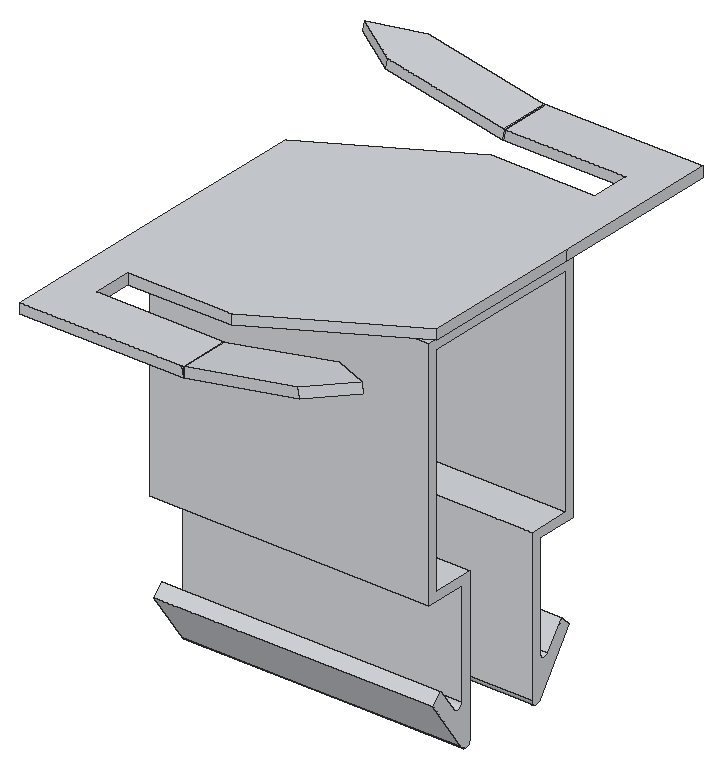
Revit family "Mounting Brackets PNHR-05500", category Generic Models, Revit 2017
Family settings
  Can host rebar = No
  Round Connector Dimension = Use Diameter
  Part Type = Normal
  Work Plane-Based = Yes
  Always vertical = No
  Cut with Voids When Loaded = No
  Shared = No
  Room Calculation Point = No
Parameters (values of type "B35-C")
  Pendulum Visibility = no
  Pendulum Start = 49.214 mm
  Pendulum Hight [instance] = 250 mm
  B35-C = yes
  B35 = no
  BSK = no
  B24 = no
  B14 = no
  Mounting_Material = Aluminum 7175 T73 0 Hot Formed
  Model = "B35-C"
  Manufacturer = "Veko Lightsystems"
  Find - Bracket Article Number = "https://www.veko.com/images/documentation/products/Manual_Veko_linear_system_IP20-65_brackets.pdf"
  Description = "Mounting Brackets"
  Default Elevation = 1219.2 mm
  Bracket_Width = 17.5 mm
  Copyright © IVLighting = "www.ivlighting.nl"
  Bracket Article Number = "*User Defined"
  Bolt_Visibility = no
  Bolt_Material = Brass, Soft Yellow, Welded
  Assembly Code = "63.0"
Types (6, lengths in mm): name | Pendulum Start | Pendulum Hight | B35-C | B35 | BSK | B24 | B14 | Model
  (no name) | 49.214 | 250 | yes | no | no | no | no | "B35-C"
  B14 | 46.605 | 250 | no | no | no | no | yes | "B14"
  B24 | 90.211 | 250 | no | no | no | yes | no | "B24"
  BSK | 72.72 | 177.28 | no | no | yes | no | no | "BSK"
  B35 | 48.605 | 201.395 | no | yes | no | no | no | "B35"
  B35-C | 49.214 | 250 | yes | no | no | no | no | "B35-C"
Reference planes
  plane 1 "Center (Front/Back)": y = 0
  plane 2: z = 0
  plane 3 "Center (Left/Right)": x = 0
Forms (mm)
  Extrusion 1, solid, visible <- "B14"
    sketch origin (0, 0, 0) x (0, 1, 0) y (0, 0, 1)
      loop
        line (4.533, 28.165) -> (2.267, 28.165) -> (2.267, 30.175) -> (0.73, 31.465) -> (0.73, 46.605) -> (-0.652, 46.605) -> (-0.652, 31.531) -> (-2.267, 30.175) -> (-2.267, 28.165) -> (-4.533, 28.165) -> (-6.218, 26.48) -> (-6.218, 23.733) -> (0, 23.733) -> (6.218, 23.733) -> (6.218, 26.48) -> (4.533, 28.165)
    from -8.75 to 8.75
  Extrusion 2, solid, material "Aluminum 7175 T73 0 Hot Formed", visible <- "B24"
    sketch origin (0, 0, 0) x (0, 1, 0) y (0, 0, 1)
      loop
        line (4.533, 28.165) -> (2.045, 28.165) -> (2.045, 30.211) -> (12.468, 30.211) -> (12.468, 90.211) -> (-6.218, 90.211) -> (-6.218, 86.79) -> (-4.773, 86.79) -> (-4.773, 88.776) -> (10.718, 88.776) -> (10.718, 31.777) -> (-12.468, 31.777) -> (-12.468, 30.211) -> (-2.037, 30.211) -> (-2.037, 28.165) -> (-4.533, 28.165) -> (-6.218, 26.48) -> (-6.218, 23.733) -> (0, 23.733) -> (6.218, 23.733) -> (6.218, 26.48) -> (4.533, 28.165)
    from -8.75 to 8.75
  Extrusion 3, solid, visible <- "BSK"
    sketch origin (0, 0, 0) x (0, 1, 0) y (0, 0, 1)
      loop
        line (4.533, 28.165) -> (2.267, 28.165) -> (2.267, 29.003) -> (1.256, 30.209) -> (-1.256, 30.209) -> (-2.267, 29.003) -> (-2.267, 28.165) -> (-4.533, 28.165) -> (-6.218, 26.48) -> (-6.218, 23.733) -> (0, 23.733) -> (6.218, 23.733) -> (6.218, 26.48) -> (4.533, 28.165)
    from -8.75 to 8.75
  Revolve 4, solid, visible <- "BSK"
    sketch origin (0, 0, 0) x (0, 1, 0) y (0, 0, 1)
      loop
        line (0, 30.209) -> (2.267, 30.209) -> (2.267, 67.425) -> (1.27, 67.425) -> (1.27, 72.72) -> (0, 72.72) -> (0, 30.209)
      axis (0, 72.72) -> (0, 30.209)
    angle from 0 to 360
  Extrusion 5, solid, material "Aluminum 7175 T73 0 Hot Formed", visible <- "B35"
    sketch origin (0, 0, 0) x (0, 1, 0) y (0, 0, 1)
      loop
        line (4.74, 28.665) -> (3.683, 27.155)
        arc (3.683, 27.155) -> (3.298, 27.024) -> (3.057, 27.352) r 0.344
        line (3.057, 27.352) -> (3.057, 33.9) -> (5.647, 33.9) -> (5.647, 48.605) -> (0, 48.605) -> (-5.647, 48.605) -> (-5.647, 33.9) -> (-3.057, 33.9) -> (-3.057, 27.352)
        arc (-3.057, 27.352) -> (-3.298, 27.024) -> (-3.683, 27.155) r 0.344
        line (-3.683, 27.155) -> (-4.74, 28.665) -> (-5.339, 28.066) -> (-3.043, 24.787)
        arc (-3.043, 24.787) -> (-2.691, 24.668) -> (-2.471, 24.967) r 0.314
        line (-2.471, 24.967) -> (-2.471, 34.442) -> (-5.087, 34.442) -> (-5.087, 48.023) -> (0, 48.023) -> (5.087, 48.023) -> (5.087, 34.442) -> (2.471, 34.442) -> (2.471, 24.967)
        arc (2.471, 24.967) -> (2.691, 24.668) -> (3.043, 24.787) r 0.314
        line (3.043, 24.787) -> (5.339, 28.066) -> (4.74, 28.665)
    from -8.75 to 8.75
  Extrusion 6, solid, visible <- "B35-C"
    sketch origin (0, 0, 0) x (0, 1, 0) y (0, 0, 1)
      loop
        line (4.74, 28.665) -> (3.683, 27.155)
        arc (3.683, 27.155) -> (3.298, 27.024) -> (3.057, 27.352) r 0.344
        line (3.057, 27.352) -> (3.057, 33.9) -> (5.647, 33.9) -> (5.647, 48.605) -> (0, 48.605) -> (-5.647, 48.605) -> (-5.647, 33.9) -> (-3.057, 33.9) -> (-3.057, 27.352)
        arc (-3.057, 27.352) -> (-3.298, 27.024) -> (-3.683, 27.155) r 0.344
        line (-3.683, 27.155) -> (-4.74, 28.665) -> (-5.339, 28.066) -> (-3.043, 24.787)
        arc (-3.043, 24.787) -> (-2.691, 24.668) -> (-2.471, 24.967) r 0.314
        line (-2.471, 24.967) -> (-2.471, 34.442) -> (-5.087, 34.442) -> (-5.087, 48.023) -> (0, 48.023) -> (5.087, 48.023) -> (5.087, 34.442) -> (2.471, 34.442) -> (2.471, 24.967)
        arc (2.471, 24.967) -> (2.691, 24.668) -> (3.043, 24.787) r 0.314
        line (3.043, 24.787) -> (5.339, 28.066) -> (4.74, 28.665)
    from -8.75 to 8.75
  Extrusion 7, solid, visible <- "B35-C"
    sketch origin (0, 0, 25.103) x (1, 0, 0) y (0, 1, 0)
      loop
        line (0, 10.171) -> (-8.808, 5.085) -> (-8.808, -5.085) -> (-8.808, -15.775) -> (1.45, -15.775) -> (1.45, -12.61) -> (-6.497, -12.61) -> (-6.497, -10.171) -> (0, -10.171) -> (8.808, -5.085) -> (8.808, 5.085) -> (8.808, 15.743) -> (-1.182, 15.743) -> (-1.182, 12.579) -> (6.497, 12.579) -> (6.497, 10.171) -> (0, 10.171)
    from 23.478 to 24.111
  Extrusion 8, solid, visible <- "B35-C"
    sketch origin (4.609, -28.355, 25.263) x (-0.981627, 0, -0.190809) y (0, -1, 0)
      loop
        line (-8.808, -12.579) -> (-11.549, -14.161) -> (-8.808, -15.743) -> (-1.345, -15.743) -> (-1.345, -12.579) -> (-8.808, -12.579)
    from 23.478 to 24.111
  Extrusion 9, solid, visible <- "B35-C"
    sketch origin (-4.342, -0.026, 25.263) x (0.981627, 0, -0.190809) y (0, 1, 0)
      loop
        line (-8.808, 12.579) -> (-1.345, 12.579) -> (-1.345, 15.743) -> (-8.808, 15.743) -> (-11.549, 14.161) -> (-8.808, 12.579)
    from 23.478 to 24.111
  Extrusion 10, solid, visible <- "Pendulum Visibility"
    sketch origin (0, 0, 0) x (1, 0, 0) y (0, 1, 0)
      loop
        circle (0, 0) r 1
    from 49.214 to 299.214
Lines and regions (mm)
  model lines, not visible
    curve 1: circle (0, 0, 24.103) r 5.795 normal (0, 0, 1)
    curve 2: circle (0, 0, 24.103) r 5 normal (0, 0, 1)
    curve 3: circle (0, 0, 24.103) r 2.19 normal (0, 0, 1)
    curve 4: circle (0, 0, 24.103) r 5.795 normal (0, 0, 1)
    curve 5: circle (0, 0, 24.103) r 5 normal (0, 0, 1)
    curve 6: circle (0, 0, 24.103) r 2.19 normal (0, 0, 1)
    curve 7: circle (0, 0, 24.103) r 5.795 normal (0, 0, 1)
    curve 8: circle (0, 0, 24.103) r 5 normal (0, 0, 1)
    curve 9: circle (0, 0, 24.103) r 2.19 normal (0, 0, 1)
    curve 10: circle (0, 0, 24.103) r 5.795 normal (0, 0, 1)
    curve 11: circle (0, 0, 24.103) r 5 normal (0, 0, 1)
    curve 12: circle (0, 0, 24.103) r 2.19 normal (0, 0, 1)
    curve 16: circle (-0.121, 0, 31.139) r 5.795 normal (0, 0, 1)
    curve 17: circle (-0.121, 0, 31.139) r 5 normal (0, 0, 1)
    curve 18: circle (-0.121, 0, 31.139) r 2.19 normal (0, 0, 1)
  model lines, visible <- "B35-C"
    curve 13: circle (0, 0, 49.206) r 5.795 normal (0, 0, 1)
    curve 14: circle (0, 0, 49.206) r 5 normal (0, 0, 1)
    curve 15: circle (0, 0, 49.206) r 2.19 normal (0, 0, 1)
Dimensions and locks
  equal spacing: Extrusion 1, plane 3 "Center (Left/Right)", Extrusion 1
  "Bracket_Width": Extrusion 1 to Extrusion 1
  equal spacing: Extrusion 2 sketch curve, plane 1 "Center (Front/Back)", Extrusion 2 sketch curve
  equal spacing: Extrusion 2, plane 3 "Center (Left/Right)", Extrusion 2
  "Bracket_Width": Extrusion 2 to Extrusion 2
  equal spacing: Extrusion 3, plane 3 "Center (Left/Right)", Extrusion 3
  "Bracket_Width": Extrusion 3 to Extrusion 3
  equal spacing: Extrusion 5, plane 3 "Center (Left/Right)", Extrusion 5
  "Bracket_Width": Extrusion 5 to Extrusion 5
  equal spacing: Extrusion 6, plane 3 "Center (Left/Right)", Extrusion 6
  "Bracket_Width": Extrusion 6 to Extrusion 6
  "Pendulum Start": plane 2 to Extrusion 10
  "Pendulum Hight": Extrusion 10 to Extrusion 10
  aligned and locked: level to plane 2
Automatic sketch dimensions
  curve 1 to curve 2 = 0 mm  (x2)
  curve 1 to curve 3 = 0 mm  (x2)
  curve 1 to curve 4 = 0 mm  (x2)
  curve 1 to curve 5 = 0 mm  (x2)
  curve 1 to curve 6 = 0 mm  (x2)
  curve 1 to curve 7 = 0 mm  (x2)
  curve 1 to curve 8 = 0 mm  (x2)
  curve 1 to curve 9 = 0 mm  (x2)
  curve 1 to curve 10 = 0 mm  (x2)
  curve 1 to curve 11 = 0 mm  (x2)
  curve 1 to curve 12 = 0 mm  (x2)
  curve 2 to curve 3 = 0 mm  (x2)
  curve 2 to curve 4 = 0 mm  (x2)
  curve 2 to curve 5 = 0 mm  (x2)
  curve 2 to curve 6 = 0 mm  (x2)
  curve 2 to curve 7 = 0 mm  (x2)
  curve 2 to curve 8 = 0 mm  (x2)
  curve 2 to curve 9 = 0 mm  (x2)
  curve 2 to curve 10 = 0 mm  (x2)
  curve 2 to curve 11 = 0 mm  (x2)
  curve 2 to curve 12 = 0 mm  (x2)
  curve 3 to curve 4 = 0 mm  (x2)
  curve 3 to curve 5 = 0 mm  (x2)
  curve 3 to curve 6 = 0 mm  (x2)
  curve 3 to curve 7 = 0 mm  (x2)
  curve 3 to curve 8 = 0 mm  (x2)
  curve 3 to curve 9 = 0 mm  (x2)
  curve 3 to curve 10 = 0 mm  (x2)
  curve 3 to curve 11 = 0 mm  (x2)
  curve 3 to curve 12 = 0 mm  (x2)
  curve 4 to curve 5 = 0 mm  (x2)
  curve 4 to curve 6 = 0 mm  (x2)
  curve 4 to curve 7 = 0 mm  (x2)
  curve 4 to curve 8 = 0 mm  (x2)
  curve 4 to curve 9 = 0 mm  (x2)
  curve 4 to curve 10 = 0 mm  (x2)
  curve 4 to curve 11 = 0 mm  (x2)
  curve 4 to curve 12 = 0 mm  (x2)
  curve 5 to curve 6 = 0 mm  (x2)
  curve 5 to curve 7 = 0 mm  (x2)
  curve 5 to curve 8 = 0 mm  (x2)
  curve 5 to curve 9 = 0 mm  (x2)
  curve 5 to curve 10 = 0 mm  (x2)
  curve 5 to curve 11 = 0 mm  (x2)
  curve 5 to curve 12 = 0 mm  (x2)
  curve 6 to curve 7 = 0 mm  (x2)
  curve 6 to curve 8 = 0 mm  (x2)
  curve 6 to curve 9 = 0 mm  (x2)
  curve 6 to curve 10 = 0 mm  (x2)
  curve 6 to curve 11 = 0 mm  (x2)
  curve 6 to curve 12 = 0 mm  (x2)
  curve 7 to curve 8 = 0 mm  (x2)
  curve 7 to curve 9 = 0 mm  (x2)
  curve 7 to curve 10 = 0 mm  (x2)
  curve 7 to curve 11 = 0 mm  (x2)
  curve 7 to curve 12 = 0 mm  (x2)
  curve 8 to curve 9 = 0 mm  (x2)
  curve 8 to curve 10 = 0 mm  (x2)
  curve 8 to curve 11 = 0 mm  (x2)
  curve 8 to curve 12 = 0 mm  (x2)
  curve 9 to curve 10 = 0 mm  (x2)
  curve 9 to curve 11 = 0 mm  (x2)
  curve 9 to curve 12 = 0 mm  (x2)
  curve 10 to curve 11 = 0 mm  (x2)
  curve 10 to curve 12 = 0 mm  (x2)
  curve 11 to curve 12 = 0 mm  (x2)
  plane 1 "Center (Front/Back)" to curve 1 = 0 mm
  curve 1 to plane 3 "Center (Left/Right)" = 0 mm
  Extrusion 1 sketch curve to plane 1 "Center (Front/Back)" = 0 mm
  plane 1 "Center (Front/Back)" to Extrusion 1 sketch curve = 0.652 mm
  Extrusion 1 sketch curve to Extrusion 1 sketch curve = 1.615 mm
  Extrusion 1 sketch curve to Extrusion 1 sketch curve = 2.266 mm  (x2)
  Extrusion 1 sketch curve to Extrusion 1 sketch curve = 1.684 mm  (x4)
  Extrusion 1 sketch curve to plane 1 "Center (Front/Back)" = 0.73 mm
  Extrusion 1 sketch curve to plane 1 "Center (Front/Back)" = 2.267 mm
  Extrusion 1 sketch curve to Extrusion 1 sketch curve = 15.075 mm
  Extrusion 1 sketch curve to Extrusion 1 sketch curve = 0.066 mm
  Extrusion 1 sketch curve to Extrusion 1 sketch curve = 1.29 mm
  Extrusion 1 sketch curve to Extrusion 1 sketch curve = 1.355 mm
  Extrusion 1 sketch curve to Extrusion 1 sketch curve = 2.01 mm  (x2)
  Extrusion 1 sketch curve to Extrusion 1 sketch curve = 4.431 mm
  Extrusion 2 sketch curve to plane 1 "Center (Front/Back)" = 0 mm
  plane 1 "Center (Front/Back)" to Extrusion 2 sketch curve = 2.037 mm
  Extrusion 2 sketch curve to Extrusion 2 sketch curve = 2.496 mm
  plane 1 "Center (Front/Back)" to Extrusion 2 sketch curve = 4.773 mm
  Extrusion 2 sketch curve to Extrusion 2 sketch curve = 1.684 mm  (x4)
  Extrusion 2 sketch curve to Extrusion 2 sketch curve = 1.445 mm
  Extrusion 2 sketch curve to Extrusion 2 sketch curve = 6.25 mm
  Extrusion 2 sketch curve to plane 1 "Center (Front/Back)" = 2.045 mm
  Extrusion 2 sketch curve to Extrusion 2 sketch curve = 2.488 mm
  Extrusion 2 sketch curve to Extrusion 2 sketch curve = 1.749 mm
  Extrusion 2 sketch curve to Extrusion 2 sketch curve = 1.435 mm
  Extrusion 2 sketch curve to Extrusion 2 sketch curve = 1.986 mm
  level to Extrusion 2 sketch curve = 31.777 mm
  Extrusion 2 sketch curve to Extrusion 2 sketch curve = 1.567 mm
  Extrusion 2 sketch curve to Extrusion 2 sketch curve = 0 mm
  Extrusion 2 sketch curve to Extrusion 2 sketch curve = 2.046 mm  (x2)
  Extrusion 2 sketch curve to Extrusion 2 sketch curve = 4.431 mm
  Extrusion 3 sketch curve to plane 1 "Center (Front/Back)" = 0 mm
  plane 1 "Center (Front/Back)" to Extrusion 3 sketch curve = 1.256 mm
  plane 1 "Center (Front/Back)" to Extrusion 3 sketch curve = 2.267 mm
  Extrusion 3 sketch curve to Extrusion 3 sketch curve = 2.266 mm  (x2)
  Extrusion 3 sketch curve to Extrusion 3 sketch curve = 1.684 mm  (x4)
  Extrusion 3 sketch curve to plane 1 "Center (Front/Back)" = 1.256 mm
  Extrusion 3 sketch curve to Extrusion 3 sketch curve = 1.012 mm
  level to Extrusion 3 sketch curve = 23.733 mm
  Extrusion 3 sketch curve to Extrusion 3 sketch curve = 2.747 mm  (x2)
  Extrusion 3 sketch curve to Extrusion 3 sketch curve = 0.839 mm  (x2)
  Extrusion 3 sketch curve to Extrusion 3 sketch curve = 1.205 mm
  Revolve 4 sketch curve to plane 1 "Center (Front/Back)" = 0 mm  (x2)
  Revolve 4 sketch curve to plane 1 "Center (Front/Back)" = 1.27 mm
  Revolve 4 sketch curve to plane 1 "Center (Front/Back)" = 2.267 mm
  level to Revolve 4 sketch curve = 30.209 mm
  Revolve 4 sketch curve to Revolve 4 sketch curve = 37.216 mm
  Revolve 4 sketch curve to Revolve 4 sketch curve = 5.295 mm
  level to Revolve 4 sketch curve = 12.849 mm
  Revolve 4 sketch curve to Revolve 4 sketch curve = 4.577 mm
  Extrusion 5 sketch curve to plane 1 "Center (Front/Back)" = 0 mm  (x2)
  plane 1 "Center (Front/Back)" to Extrusion 5 sketch curve = 2.471 mm
  Extrusion 5 sketch curve to Extrusion 5 sketch curve = 0.314 mm  (x2)
  Extrusion 5 sketch curve to Extrusion 5 sketch curve = 0.257 mm  (x2)
  Extrusion 5 sketch curve to Extrusion 5 sketch curve = 0.586 mm  (x2)
  Extrusion 5 sketch curve to Extrusion 5 sketch curve = 0.344 mm  (x2)
  Extrusion 5 sketch curve to Extrusion 5 sketch curve = 0.282 mm  (x2)
  Extrusion 5 sketch curve to Extrusion 5 sketch curve = 1.057 mm  (x2)
  Extrusion 5 sketch curve to Extrusion 5 sketch curve = 2.03 mm
  Extrusion 5 sketch curve to Extrusion 5 sketch curve = 0.598 mm  (x4)
  Extrusion 5 sketch curve to Extrusion 5 sketch curve = 0.56 mm  (x2)
  Extrusion 5 sketch curve to plane 1 "Center (Front/Back)" = 2.471 mm
  Extrusion 5 sketch curve to plane 1 "Center (Front/Back)" = 5.087 mm
  Extrusion 5 sketch curve to Extrusion 5 sketch curve = 0.582 mm
  Extrusion 5 sketch curve to Extrusion 5 sketch curve = 13.581 mm
  Extrusion 5 sketch curve to Extrusion 5 sketch curve = 0 mm
  Extrusion 5 sketch curve to Extrusion 5 sketch curve = 0.542 mm  (x2)
  Extrusion 5 sketch curve to Extrusion 5 sketch curve = 5.235 mm  (x2)
  Extrusion 5 sketch curve to Extrusion 5 sketch curve = 1.313 mm  (x2)
  Extrusion 5 sketch curve to Extrusion 5 sketch curve = 2.187 mm
  Extrusion 5 sketch curve to Extrusion 5 sketch curve = 2.385 mm
  Extrusion 6 sketch curve to plane 1 "Center (Front/Back)" = 0 mm  (x2)
  plane 1 "Center (Front/Back)" to Extrusion 6 sketch curve = 2.471 mm
  Extrusion 6 sketch curve to Extrusion 6 sketch curve = 0.314 mm  (x2)
  Extrusion 6 sketch curve to Extrusion 6 sketch curve = 0.257 mm  (x2)
  Extrusion 6 sketch curve to Extrusion 6 sketch curve = 0.586 mm  (x2)
  Extrusion 6 sketch curve to Extrusion 6 sketch curve = 0.344 mm  (x2)
  Extrusion 6 sketch curve to Extrusion 6 sketch curve = 0.282 mm  (x2)
  Extrusion 6 sketch curve to Extrusion 6 sketch curve = 1.057 mm  (x2)
  Extrusion 6 sketch curve to Extrusion 6 sketch curve = 2.03 mm
  Extrusion 6 sketch curve to Extrusion 6 sketch curve = 0.598 mm  (x4)
  Extrusion 6 sketch curve to Extrusion 6 sketch curve = 0.56 mm  (x2)
  Extrusion 6 sketch curve to plane 1 "Center (Front/Back)" = 2.471 mm
  Extrusion 6 sketch curve to plane 1 "Center (Front/Back)" = 5.087 mm
  level to Extrusion 6 sketch curve = 24.787 mm
  Extrusion 6 sketch curve to Extrusion 6 sketch curve = 0.18 mm
  Extrusion 6 sketch curve to Extrusion 6 sketch curve = 2.187 mm  (x2)
  Extrusion 6 sketch curve to Extrusion 6 sketch curve = 0.912 mm  (x2)
  Extrusion 6 sketch curve to Extrusion 6 sketch curve = 5.235 mm  (x2)
  Extrusion 6 sketch curve to Extrusion 6 sketch curve = 0.542 mm  (x2)
  Extrusion 6 sketch curve to Extrusion 6 sketch curve = 13.581 mm
  Extrusion 6 sketch curve to Extrusion 6 sketch curve = 0.582 mm
  curve 13 to curve 14 = 0 mm  (x2)
  curve 13 to curve 15 = 0 mm  (x2)
  curve 14 to curve 15 = 0 mm  (x2)
  plane 1 "Center (Front/Back)" to curve 14 = 0 mm
  curve 14 to plane 3 "Center (Left/Right)" = 0 mm
  Extrusion 7 sketch curve to plane 3 "Center (Left/Right)" = 0 mm  (x2)
  Extrusion 7 sketch curve to plane 3 "Center (Left/Right)" = 1.182 mm
  Extrusion 7 sketch curve to plane 3 "Center (Left/Right)" = 6.497 mm
  Extrusion 7 sketch curve to Extrusion 7 sketch curve = 2.311 mm  (x2)
  plane 3 "Center (Left/Right)" to Extrusion 7 sketch curve = 1.45 mm
  Extrusion 7 sketch curve to Extrusion 7 sketch curve = 6.497 mm
  plane 1 "Center (Front/Back)" to Extrusion 7 sketch curve = 15.775 mm
  Extrusion 7 sketch curve to Extrusion 7 sketch curve = 3.164 mm  (x2)
  Extrusion 7 sketch curve to Extrusion 7 sketch curve = 2.439 mm
  plane 1 "Center (Front/Back)" to Extrusion 7 sketch curve = 5.085 mm  (x2)
  Extrusion 7 sketch curve to plane 1 "Center (Front/Back)" = 5.085 mm  (x2)
  Extrusion 7 sketch curve to Extrusion 7 sketch curve = 5.085 mm
  Extrusion 7 sketch curve to Extrusion 7 sketch curve = 2.408 mm
  plane 1 "Center (Front/Back)" to Extrusion 8 sketch curve = 14.194 mm
  plane 1 "Center (Front/Back)" to Extrusion 8 sketch curve = 15.776 mm
  Extrusion 8 sketch curve to Extrusion 8 sketch curve = 2.74 mm
  plane 1 "Center (Front/Back)" to Extrusion 8 sketch curve = 12.612 mm
  Extrusion 8 sketch curve to Extrusion 8 sketch curve = 0 mm
  Extrusion 8 sketch curve to Extrusion 8 sketch curve = 7.463 mm
  Extrusion 9 sketch curve to plane 1 "Center (Front/Back)" = 14.135 mm
  Extrusion 9 sketch curve to plane 1 "Center (Front/Back)" = 12.553 mm
  Extrusion 9 sketch curve to Extrusion 9 sketch curve = 2.74 mm  (x2)
  Extrusion 9 sketch curve to plane 1 "Center (Front/Back)" = 15.717 mm
  Extrusion 9 sketch curve to Extrusion 9 sketch curve = 7.463 mm
  curve 16 to curve 17 = 0 mm  (x2)
  curve 16 to curve 18 = 0 mm  (x2)
  curve 17 to curve 18 = 0 mm  (x2)
  plane 1 "Center (Front/Back)" to curve 17 = 0 mm
  curve 17 to plane 3 "Center (Left/Right)" = 0.121 mm
  level to Extrusion 1 sketch curve = 23.733 mm
  Extrusion 2 sketch curve to Extrusion 2 sketch curve = 55.013 mm
  level to Extrusion 5 sketch curve = 24.787 mm
  plane 1 "Center (Front/Back)" to Extrusion 10 sketch curve = 0 mm
  Extrusion 10 sketch curve to plane 3 "Center (Left/Right)" = 0 mm
  radius of curve 1 = 5.795 mm
  radius of curve 2 = 5 mm
  radius of curve 3 = 2.19 mm
  radius of curve 4 = 5.795 mm
  radius of curve 5 = 5 mm
  radius of curve 6 = 2.19 mm
  radius of curve 7 = 5.795 mm
  radius of curve 8 = 5 mm
  radius of curve 9 = 2.19 mm
  radius of curve 10 = 5.795 mm
  radius of curve 11 = 5 mm
  radius of curve 12 = 2.19 mm
  radius of curve 13 = 5.795 mm
  radius of curve 14 = 5 mm
  radius of curve 15 = 2.19 mm
  radius of curve 16 = 5.795 mm
  radius of curve 17 = 5 mm
  radius of curve 18 = 2.19 mm
  radius of Extrusion 10 sketch curve = 1 mm
